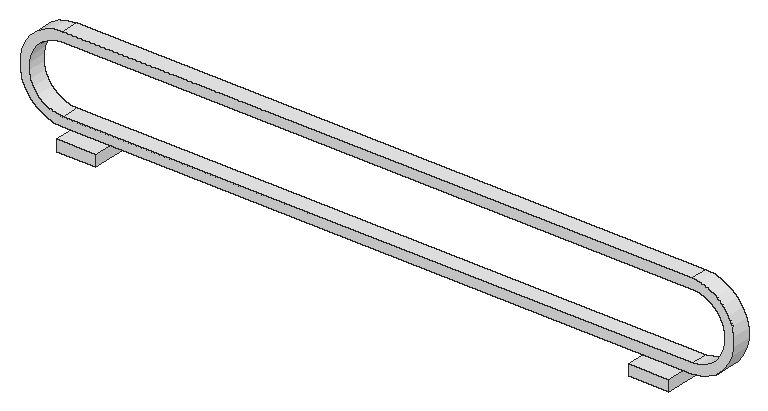
Revit family "Towel_Bar-Grohe-StarLight-41056_Series", category Plumbing Fixtures, host Face, Revit 2016
Family settings
  Host = Face
  Part Type = Normal
  Round Connector Dimension = Use Diameter
  Cut with Voids When Loaded = No
  Shared = Yes
  Room Calculation Point = No
Parameters (values of type "41056000")
  Width = 23 5/8"
  Waste Connection = no
  Warranty Information = ""
  WFU = 0
  Vent Connection = no
  URL = "https://www.grohe.us/"
  Type Comments = ""
  Product Page URL = ""
  Product Documentation Link = ""
  Price = "Prices may vary. Please consult Manufacturer Representative for most up-to-date price list."  # constant formula
  Model = "41056000"
  Manufacturer = "Grohe"
  Length = 3 3/16"
  Installation Type = "Wall"
  Height = 1 3/16"
  HWFU = 0
  HW Connection = no
  Finish = Metal-Grohe-000-StarLight Chrome
  Description = "24\" Towel Bar"
  Default Elevation = 0"
  Creation Date = "08/18/2020"
  CWFU = 0
  CW Connection = no
  Assembly Code = ""
Types (6): name | Model | Finish
  (no name) | "41056000" | Metal-Grohe-000-StarLight Chrome
  41056000 | "41056000" | Metal-Grohe-000-StarLight Chrome
  41056A00 | "41056A00" | Metal-Grohe-A00-Hard Graphite
  41056BE0 | "41056BE0" | Metal-Grohe-BE0-Polished Nickel InfinityFinish
  41056EN0 | "41056EN0" | Metal-Grohe-EN0-Brushed Nickel InfinityFinish
  41056GN0 | "41056GN0" | Metal-Grohe-GN0-Brushed Cool Sunrise
Reference planes (in)
  plane 1 "Center (Front/Back)": y = 0
  plane 2: z = 0
  plane 3 "Center (Left/Right)": x = 0
  plane 4: x = -9.46875
  plane 5: x = 9.46875
  plane 6: x = 11.8125
  plane 7: x = -11.8125
Forms (in)
  Extrusion 1, solid, material "Metal-Grohe-000-StarLight Chrome" <- "Finish"
    sketch origin (0, 0, 0) x (1, 0, 0) y (0, 1, 0)
      loop
        line (-10.125, 0) -> (-10.125, -1.1875) -> (-8.8125, -1.1875) -> (-8.8125, 0) -> (-10.125, 0)
      loop
        line (10.125, 0) -> (8.8125, 0) -> (8.8125, -1.1875) -> (10.125, -1.1875) -> (10.125, 0)
    from 0 to 0.35747
  Extrusion 2, solid, material "Metal-Grohe-000-StarLight Chrome" <- "Finish"
    sketch origin (0, 0, 0) x (1, 0, 0) y (0, 0, 1)
      loop
        line (10.39748, 3.1875) -> (-10.39748, 3.1875)
        arc (-10.39748, 3.1875) -> (-11.8125, 1.77248) -> (-10.39748, 0.35747) r 1.41502
        line (-10.39748, 0.35747) -> (10.39748, 0.35747)
        arc (10.39748, 0.35747) -> (11.8125, 1.77248) -> (10.39748, 3.1875) r 1.41502
      loop
        arc (10.39796, 0.67091) -> (11.5, 1.77296) -> (10.39796, 2.875) r 1.10204
        line (10.39796, 2.875) -> (-10.39796, 2.875)
        arc (-10.39796, 2.875) -> (-11.5, 1.77296) -> (-10.39796, 0.67091) r 1.10204
        line (-10.39796, 0.67091) -> (10.39796, 0.67091)
    from 0 to 0.58053
Lines and regions (in)
  Masking region 1
    outline origin (0, 0, 0) x (1, 0, 0) y (0, 0, 1)
      loop
        arc (-10.39748, 3.1875) -> (-11.8125, 1.77248) -> (-10.39748, 0.35747) r 1.41502
        line (-10.39748, 0.35747) -> (-10.125, 0.35747) -> (-10.125, 0) -> (-8.8125, 0) -> (-8.8125, 0.35747) -> (8.8125, 0.35747) -> (8.8125, 0) -> (10.125, 0) -> (10.125, 0.35747) -> (10.39748, 0.35747)
        arc (10.39748, 0.35747) -> (11.8125, 1.77248) -> (10.39748, 3.1875) r 1.41502
        line (10.39748, 3.1875) -> (-10.39748, 3.1875)
  symbolic lines, detail levels medium+fine
    curve 1: line (10.125, 0, 0.35747) -> (8.8125, 0, 0.35747)
    curve 2: line (-8.8125, 0, 0.35747) -> (-10.125, 0, 0.35747)
  symbolic lines, detail levels fine
    curve 3: line (10.39796, 0, 2.875) -> (-10.39796, 0, 2.875)
    curve 4: arc (-10.39796, 0, 2.875) -> (-11.5, 0, 1.77296) -> (-10.39796, 0, 0.67091) r 1.10204
    curve 5: line (-10.39796, 0, 0.67091) -> (10.39796, 0, 0.67091)
    curve 6: arc (10.39796, 0, 0.67091) -> (11.5, 0, 1.77296) -> (10.39796, 0, 2.875) r 1.10204
Dimensions and locks (in)
  plane 4 to plane 5 = 18 15/16"
  locked: Extrusion 1 sketch curve to plane 1 "Center (Front/Back)" at 1.1875  (x2)
  equal spacing: Extrusion 1 sketch curve, plane 4, Extrusion 1 sketch curve, locked at 0.65625 each
  equal spacing: Extrusion 1 sketch curve, plane 5, Extrusion 1 sketch curve, locked at 0.65625 each
  host face to Extrusion 1 = 0.35747"
  locked: Extrusion 2 to plane 1 "Center (Front/Back)" at 0.58053
  "Length": host face to Extrusion 2
  host face to Extrusion 2 sketch curve = 3 3/16"
  host face to Extrusion 2 sketch curve to Extrusion 2 sketch curve to Extrusion 2 sketch curve to Extrusion 2 sketch curve = 0.35747" locked, 0.31345" locked, 2.20409" locked, 5/16"
  "Height": Extrusion 1 to Extrusion 1
  aligned and locked: plane 2 to host face
  aligned and locked: level to host face
  aligned and locked: Extrusion 1 to host face
  aligned and locked: Extrusion 2 to plane 1 "Center (Front/Back)"
  aligned and locked: Masking region 1 sketch curve to Extrusion 2  (x2)
  aligned and locked: Masking region 1 sketch curve to Extrusion 1  (x6)
  aligned and locked: curve 1 to Extrusion 1
  aligned and locked: curve 2 to Masking region 1
  aligned and locked: curve 4 to Extrusion 2
  aligned and locked: curve 6 to Extrusion 2
Automatic sketch dimensions
  host sketch curve to host sketch curve = 96"  (x2)
  plane 1 "Center (Front/Back)" to Extrusion 1 sketch curve = 0"  (x2)
  Extrusion 1 sketch curve to plane 4 = 21/32"
  plane 5 to Extrusion 1 sketch curve = 21/32"
  Extrusion 2 sketch curve to plane 4 = 0.92921"
  Extrusion 2 sketch curve to Extrusion 2 sketch curve = 0.00047"  (x2)
  Extrusion 2 sketch curve to plane 5 = 0.92873"
  Masking region 1 sketch curve to Masking region 1 sketch curve = 0.35747"
  plane 4 to curve 2 = 21/32"
  plane 5 to curve 1 = 21/32"
  curve 5 to curve 2 = 0.27296"
  curve 1 to curve 5 = 0.27296"
